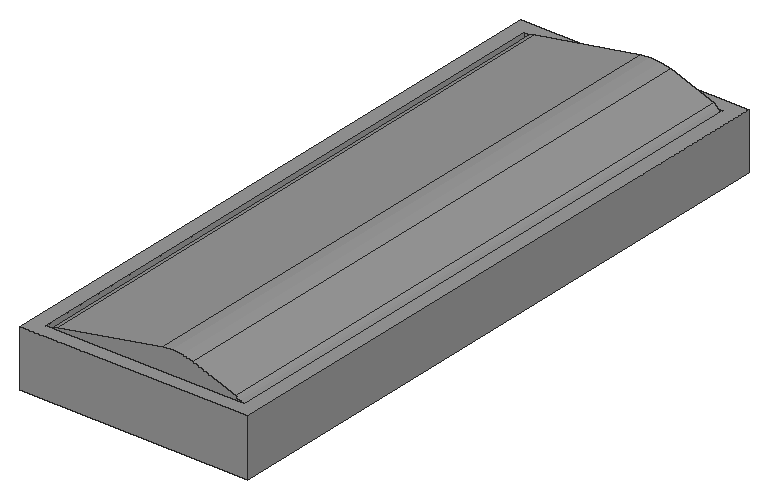
Revit family "Elbow push", category Generic Models, host Face, Revit 2017
Family settings
  Host = Face
  Can host rebar = No
  Round Connector Dimension = Use Diameter
  Part Type = Normal
  Cut with Voids When Loaded = No
  Shared = No
  Room Calculation Point = No
Parameters
  URL = "http://www.automatics.cl/"
  Tipo = "Botón de accionamiento"
  Model = "Elbow Push-Button"
  Manufacturer = "G-U"
  Fondo = -71 mm
  Description = "Botón de accionamiento"
  Default Elevation = 1219.2 mm
  Cuerpo = Plastic, Opaque Grey
  Contacto Teléfono = "56 9 9789 7122"
  Contacto Nombre = "Carlos Leiva"
  Contacto Correo = "Carlos.Leiva@g-u.cl"
  Ancho = 80 mm
  Alto = 220 mm
Reference planes
  plane 1 "Center (Front/Back)": y = 0
  plane 2: z = 0
  plane 3 "Center (Left/Right)": x = 0
Forms (mm)
  Extrusion 1, solid, material "Plastic, Opaque Grey" <- "Cuerpo"
    sketch origin (0, 0, 0) x (1, 0, 0) y (0, 1, 0)
      loop
        line (-40, 110) -> (-40, -110) -> (40, -110) -> (40, 110) -> (-40, 110)
      loop
        line (-35, 105) -> (-35, -105) -> (35, -105) -> (35, 105) -> (-35, 105)
    from 0 to 20
  Extrusion 2, solid, material "Plastic, Opaque Grey" <- "Cuerpo"
    sketch origin (0, 0, 0) x (1, 0, 0) y (0, 0, 1)
      loop
        line (-35, 0) -> (35, 0) -> (35, 16.499)
        arc (35, 16.499) -> (34.096, 19.367) -> (31.71, 21.197) r 5
        line (31.71, 21.197) -> (16.617, 26.691)
        arc (16.617, 26.691) -> (11.447, 27.827) -> (6.16, 27.567) r 20
        line (6.16, 27.567) -> (-30.904, 20.753)
        arc (-30.904, 20.753) -> (-33.842, 19.035) -> (-35, 15.835) r 5
        line (-35, 15.835) -> (-35, 0)
    from -105 to 105
Dimensions and locks
  equal spacing: Extrusion 1 sketch curve, plane 3 "Center (Left/Right)", Extrusion 1 sketch curve
  "Ancho": Extrusion 1 sketch curve to Extrusion 1 sketch curve
  equal spacing: Extrusion 1 sketch curve, plane 1 "Center (Front/Back)", Extrusion 1 sketch curve
  "Alto": Extrusion 1 sketch curve to Extrusion 1 sketch curve
  Extrusion 1 sketch curve to Extrusion 1 sketch curve = 5 mm  (x4)
  aligned and locked: plane 2 to host face
  aligned and locked: level to host face
  aligned and locked: Extrusion 2 to Extrusion 1  (x2)
Automatic sketch dimensions
  host sketch curve to host sketch curve = 2438.4 mm  (x2)
  Extrusion 2 sketch curve to level = 0 mm
  Extrusion 2 sketch curve to plane 3 "Center (Left/Right)" = 35 mm
  level to Extrusion 2 sketch curve = 20.753 mm
  Extrusion 2 sketch curve to Extrusion 2 sketch curve = 4.096 mm
  Extrusion 2 sketch curve to Extrusion 2 sketch curve = 5 mm
  plane 3 "Center (Left/Right)" to Extrusion 2 sketch curve = 6.16 mm
  plane 3 "Center (Left/Right)" to Extrusion 2 sketch curve = 9.777 mm
  Extrusion 2 sketch curve to Extrusion 2 sketch curve = 10.457 mm
  Extrusion 2 sketch curve to Extrusion 2 sketch curve = 13.383 mm
  Extrusion 2 sketch curve to Extrusion 2 sketch curve = 1.71 mm
  level to Extrusion 2 sketch curve = 7.897 mm
  Extrusion 2 sketch curve to Extrusion 2 sketch curve = 16.499 mm
  Extrusion 2 sketch curve to Extrusion 2 sketch curve = 4.698 mm
  Extrusion 2 sketch curve to Extrusion 2 sketch curve = 5.493 mm
